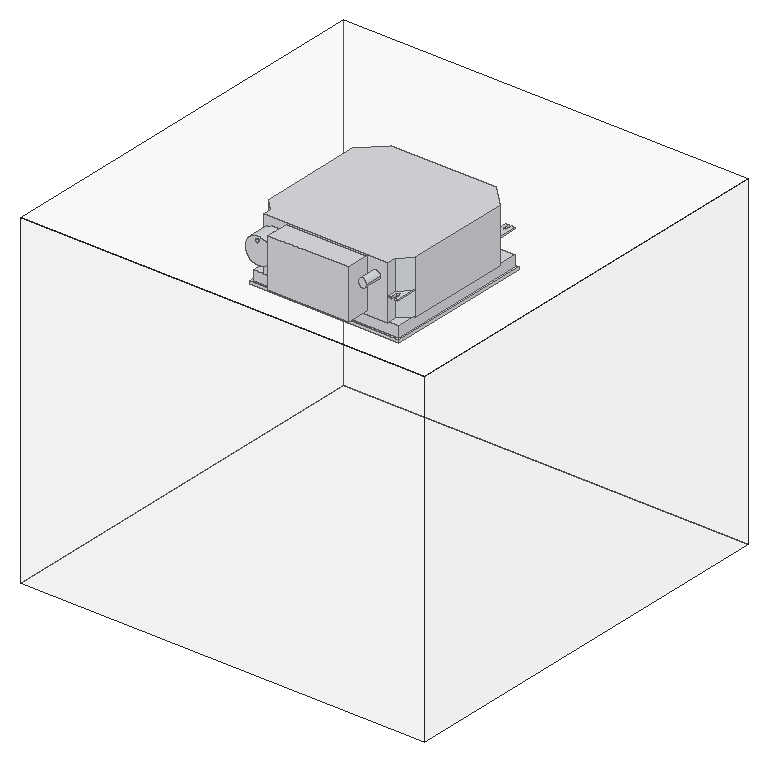
Revit family "plfy-mp22_56pm_60Hz", category 機械設備, Revit 2019
Family settings
  丸型コネクタ寸法 = 直径を使用
  パーツ タイプ = 標準
  OmniClass 番号 = 23.75.10.24.21.27.27
  OmniClass タイトル = Split System Air Conditioning Units
  作業面ベース = いいえ
  常に垂直 = はい
  ロード時にボイドで切り取り = いいえ
  共有 = いいえ
  部屋計算ポイント = はい
Parameters (values of type "システム天井4方向_PLFY-MP22PM")
  風量_強 (㎥/min) = 8.5
  風量_弱 (㎥/min) = 7
  風量_中 (㎥/min) = 7.5
  風量 = MAX風量  # 510.0 m³/h
  音響パワーレベル_強 (dB) = 47
  音響パワーレベル_弱 (dB) = 42
  音響パワーレベル_中 (dB) = 44
  音響パワーレベル(dB) = [音響パワーレベル_強 (dB)]  # 47
  電源種別 = ""
  電圧 = 200 V
  電動機出力_送風機 = 0.05 kW
  運転質量 = 0.00 kg
  連動 = ""
  質量 = if(製品質量 > 運転質量, 製品質量, 運転質量) * 1.2  # 19.08 kg
  負荷分類 = 3_ファン類
  製品質量_本体 = 13.50 kg
  製品質量_パネル = 2.40 kg
  構成品番 = "PLFY-MP22PM"
  ドレン管径 (外径) = 32.00 mm
  ドレン管径 = 25.00 mm
  サービススペース = yes
  【値が 0 の項目は組合せ形名にてご確認ください】 = ""
  URL = "https://www.mitsubishielectric.co.jp/ldg/wink/ssl/top.do"
  説明 = "ビル用マルチ　天井カセット形(４方向吹出し)<システム天井タイプ>"
  設計暖房能力 = 0.00 kW
  設計冷房能力_顕熱 = 0 kW
  設計冷房能力 = 0 kW
  設置方法 = "カセット形"
  記号 [instance] = ""
  製造元 = "三菱電機株式会社"
  製品質量 = 製品質量_本体 + 製品質量_パネル  # 15.90 kg
  製品出荷対象 = "国内"
  製品リリース年月 = ""
  製品グループ = ""
  系統 [instance] = ""
  符号 = "ACP-CK4"
  積算_科目 = "1 空気調和設備"
  積算_拾い区分 = ""
  相 = 1
  盤記号 [instance] = ""
  発停方法 = "付属スイッチ"
  特殊仕様 [instance] = ""
  火災停止 = ""
  消費電力_暖房 = 0.02 kW
  消費電力_冷房 = 0.02 kW
  消費電力 = if(消費電力_冷房 > 消費電力_暖房, 消費電力_冷房, 消費電力_暖房)  # 0.02 kW
  法定耐用年数 = "6"
  極数 = 1
  材質 = ""
  本体マテリアル = none
  有効加湿量 = 0
  暖房能力 = 2.50 kW
  推奨ブレーカー容量 = 0 A
  形式_加湿器 = ""
  形式 = "カセット形（4方向吹出形）"
  幹線記号 = ""
  始動方式 = "直入"
  呼称 = "マルチパッケージ形空気調和機_室内機"
  周波数 = 60 Hz
  台数_手元リモコン [instance] = ""
  台数_冷媒分岐ユニット = ""
  参照している仕様書等のバージョン = "公共建築工事標準仕様書（機械設備工事編）平成31年度版"
  分類コード = "50053003221030"
  分類グループ = ""
  冷房能力 = 2.2 kW
  冷媒管径符号 = "Ac"
  冷媒管径 = 100.00 mm
  冷媒液管径 = 6.35 mm
  冷媒ガス管径 = 12.70 mm
  企業コード = "108420"
  付属品_フィルター = ""
  付属品 = ""
  仕様書バージョン = "Version1.0"
  Model = ""
  パネルマテリアル = none
  コメント = ""
  ケーブル種類 = ""
  ケーブルサイズ = 0 mm
  Width = 570 mm
  Version = ""
  Uniclass2015Version = "Systems v1.9"
  Uniclass2015Title = "Split coil remote air cooled condensing units"
  Uniclass2015Code = "Pr_70_65_03_84"
  SpecificationReference = ""
  SpecificationDescription = ""
  Revision = ""
  ProductInformation = ""
  Panel Width = 580 mm
  Panel Height = 51 mm
  Panel Depth = 580 mm
  OmniClassCode = "23-33 17 13 11"
  MIN風量 = [風量_弱 (㎥/min)] * 60.0 m³/h  # 420.0 m³/h
  MID風量 = [風量_中 (㎥/min)] * 60.0 m³/h  # 450.0 m³/h
  MAX風量 = [風量_強 (㎥/min)] * 60.0 m³/h  # 510.0 m³/h
  IfcTypeProduct = ""
  IfcProduct = ""
  IfcExportType = "AIRCONDITIONINGUNIT"
  IfcExportAs = "IfcUnitaryEquipmentType"
  Height = 258 mm
  FamilyVersion = ""
  Depth = 570 mm
  価格 = 0
  Clearance Top = 273 mm
  Clearance Right = 500 mm
  Clearance Left = 500 mm
  Clearance Front = 500 mm
  Clearance Bottom = 1000 mm
  Clearance Back = 500 mm
  Author = "三菱電機株式会社"
Types (5, lengths in mm): name | 風量_強 (㎥/min) | 風量_弱 (㎥/min) | 風量_中 (㎥/min) | 風量 | 音響パワーレベル_強 (dB) | 音響パワーレベル_弱 (dB) | 音響パワーレベル_中 (dB) | 音響パワーレベル(dB) | 質量 | 製品質量_本体 | 構成品番 | 製品質量 | 消費電力_暖房 | 消費電力_冷房 | 消費電力 | 暖房能力 | 冷房能力 | MIN風量 | MID風量 | MAX風量
  システム天井4方向_PLFY-MP22PM | 8.5 | 7 | 7.5 | 510.0 m³/h | 47 | 42 | 44 | 47 | 19.08 kg | 13.50 kg | "PLFY-MP22PM" | 15.90 kg | 0.02 kW | 0.02 kW | 0.02 kW | 2.50 kW | 2.2 kW | 420.0 m³/h | 450.0 m³/h | 510.0 m³/h
  システム天井4方向_PLFY-MP28PM | 9 | 7 | 8 | 540.0 m³/h | 50 | 43 | 46 | 50 | 19.08 kg | 13.50 kg | "PLFY-MP28PM" | 15.90 kg | 0.02 kW | 0.02 kW | 0.02 kW | 3.20 kW | 2.8 kW | 420.0 m³/h | 480.0 m³/h | 540.0 m³/h
  システム天井4方向_PLFY-MP36PM | 9.5 | 7 | 8 | 570.0 m³/h | 51 | 44 | 47 | 51 | 20.28 kg | 14.50 kg | "PLFY-MP36PM" | 16.90 kg | 0.02 kW | 0.02 kW | 0.02 kW | 4.00 kW | 3.6 kW | 420.0 m³/h | 480.0 m³/h | 570.0 m³/h
  システム天井4方向_PLFY-MP45PM | 11 | 7.5 | 9 | 660.0 m³/h | 55 | 46 | 50 | 55 | 20.28 kg | 14.50 kg | "PLFY-MP45PM" | 16.90 kg | 0.03 kW | 0.03 kW | 0.03 kW | 5.00 kW | 4.5 kW | 450.0 m³/h | 540.0 m³/h | 660.0 m³/h
  システム天井4方向_PLFY-MP56PM | 13 | 9 | 11 | 780.0 m³/h | 60 | 51 | 55 | 60 | 20.28 kg | 14.50 kg | "PLFY-MP56PM" | 16.90 kg | 0.04 kW | 0.04 kW | 0.04 kW | 6.30 kW | 5.6 kW | 540.0 m³/h | 660.0 m³/h | 780.0 m³/h
Reference planes
  plane 1 "中心(正面/背面)": y = 0
  plane 2: z = 0
  plane 3 "中心(左/右)": x = 0
  plane 4: x = -262.5
  plane 5: x = 262.5
  plane 6: y = 262.5
  plane 7: y = -262.5
  plane 8: x = -785
  plane 9: x = 785
  plane 10: y = 785
  plane 11: y = -785
  plane 12: z = -1000
  plane 13: z = 273
  plane 14: x = -186
  plane 15: y = 285
  plane 16: y = -285
  plane 17: x = -285
  plane 18: x = 285
  plane 19: z = 258
Dimensions and locks
  plane 4 to plane 5 = 525 mm
  equal spacing: plane 4, plane 3 "中心(左/右)", plane 5
  equal spacing: plane 7, plane 1 "中心(正面/背面)", plane 6
  plane 7 to plane 6 = 525 mm
  "Clearance Top": plane 13 to plane 2
  equal spacing: plane 17, plane 3 "中心(左/右)", plane 18
  "Width": plane 17 to plane 18
  equal spacing: plane 16, plane 1 "中心(正面/背面)", plane 15
  "Depth": plane 16 to plane 15
  "Clearance Bottom": level to plane 12
  "Clearance Right": plane 18 to plane 9
  "Clearance Left": plane 8 to plane 17
  "Clearance Back": plane 15 to plane 10
  "Clearance Front": plane 11 to plane 16
  "Height": plane 19 to level
  aligned and locked: level to plane 2
  aligned and locked: plane 4 to nested 2
  aligned and locked: plane 5 to nested 2
  aligned and locked: nested 2 to plane 6
  aligned and locked: plane 7 to nested 2
  aligned and locked: plane 8 to nested 1
  aligned and locked: plane 9 to nested 1
  aligned and locked: plane 12 to nested 1
  aligned and locked: plane 13 to nested 1
  aligned and locked: plane 3 "中心(左/右)" to nested 3
  aligned and locked: nested 3 to level
  aligned and locked: plane 1 "中心(正面/背面)" to nested 3
  aligned and locked: plane 10 to nested 1
  aligned and locked: plane 11 to nested 1
Nested families
  nested 1: "サービススペース" at (0, 0, -363.5), visible <- "サービススペース", type "サービススペース"
    with Width 1570 mm, Height 1273 mm, Depth 1570 mm
  nested 2: "固定点" at (-262.5, -262.5, 0), type "固定点"
    with W 525 mm, D 525 mm
  nested 3: "PLFY-P○○PMG9_1_SN" at (0, 0, 0), パネルマテリアル <- "パネルマテリアル", 本体マテリアル <- "本体マテリアル", type "PLFY-P○○PMG9_1_SN"
    with ユニット表示 yes, 液配管サイズ 6.35 mm
Connectors
  piping at (196, -349, 201), diameter 25, driven by "ドレン管径"
    settings: on nested 3, index 1, connector inside diameter 609.60 mm, connector length 0 mm, flow factor 0, pipe flow 0.0 L/s, pressure drop 0.0 Pa, fitting loss kfactor 0, connector angle 0.00°, fixture units 0, engagement length 0 mm, angle of deflection 0.00°, flow configuration 1, flow direction 2, fitting loss method 4, system type 16, joint type 0, gender type 0, connector reference index -1, connector utility 0, adjustable connector no, is connector primary yes, connector description ""
  piping at (-199, -363, 180.5), diameter 100, driven by "冷媒管径", driven by "冷媒管径符号"
    settings: on nested 3, index 2, connector inside diameter 609.60 mm, connector length 0 mm, flow factor 0, pipe flow 0.0 L/s, pressure drop 0.0 Pa, fitting loss kfactor 0, connector angle 0.00°, fixture units 0, engagement length 0 mm, angle of deflection 0.00°, flow configuration 1, flow direction 1, fitting loss method 4, system type 7, joint type 0, gender type 0, connector reference index -1, connector utility 0, adjustable connector no, is connector primary no, connector description "Ac"
  electrical at (4.5, -373, 159.5), driven by "極数", driven by "負荷分類", driven by "電圧", driven by "消費電力"
    settings: on nested 3, index 3, voltage 200 V, apparent load 20 VA, apparent load phase1 0 VA, apparent load phase2 0 VA, apparent load phase3 0 VA, power factor 1, load classification "3_ファン類", number of poles 1, system type 30, power factor state 1, is connector primary yes, connector utility no, sub classification motor no, connector description ""
Definition of nested family "サービススペース"
  Parameters (values of type "サービススペース")
    Width [instance] = 500 mm
    Height [instance] = 500 mm
    Depth [instance] = 500 mm
  Reference planes
    plane 1 "中心(正面/背面)": y = 0
    plane 2: z = 0
    plane 3 "中心(左/右)": x = 0
    plane 4: y = -250
    plane 5: x = 250
    plane 6: y = 250
    plane 7: x = -250
    plane 8: z = 250
    plane 9: z = -250
  Forms (mm)
    Extrusion 1, solid
      sketch origin (-638.939, 0, 72.39) x (1, 0, 0) y (0, 1, 0)
        loop
          line (388.939, 250) -> (388.939, -250) -> (888.939, -250) -> (888.939, 250) -> (388.939, 250)
      from -322.39 to 177.61
  Lines and regions (mm)
    symbolic lines
      curve 1: line (-250, 0, 250) -> (250, 0, 250)
      curve 2: line (-250, 0, -250) -> (-250, 0, 250)
      curve 3: line (250, 0, -250) -> (-250, 0, -250)
      curve 4: line (250, 0, 250) -> (250, 0, -250)
      curve 5: line (0, -250, 250) -> (0, 250, 250)
      curve 6: line (0, -250, -250) -> (0, -250, 250)
      curve 7: line (0, 250, -250) -> (0, -250, -250)
      curve 8: line (0, 250, 250) -> (0, 250, -250)
      curve 9: line (-250, 250, 0) -> (250, 250, 0)
      curve 10: line (-250, -250, 0) -> (-250, 250, 0)
      curve 11: line (250, -250, 0) -> (-250, -250, 0)
      curve 12: line (250, 250, 0) -> (250, -250, 0)
  Dimensions and locks
    equal spacing: plane 7, plane 3 "中心(左/右)", plane 5
    equal spacing: plane 4, plane 1 "中心(正面/背面)", plane 6
    "Depth": plane 4 to plane 6
    "Width": plane 7 to plane 5
    equal spacing: plane 8, plane 2, plane 9
    "Height": plane 8 to plane 9
    aligned and locked: plane 9 to curve 3
    aligned and locked: plane 7 to curve 2
    aligned and locked: curve 4 to plane 5
    aligned and locked: plane 5 to Extrusion 1
    aligned and locked: Extrusion 1 to plane 7
    aligned and locked: Extrusion 1 to plane 9
    aligned and locked: plane 8 to Extrusion 1
    aligned and locked: plane 9 to curve 7
  Automatic sketch dimensions
    plane 4 to Extrusion 1 sketch curve = 0 mm
    Extrusion 1 sketch curve to plane 7 = 0 mm
    Extrusion 1 sketch curve to plane 5 = 0 mm
    plane 6 to Extrusion 1 sketch curve = 0 mm
    curve 2 to plane 8 = 0 mm
    plane 4 to curve 11 = 0 mm
    curve 11 to plane 7 = 0 mm
    curve 11 to plane 5 = 0 mm
    plane 6 to curve 10 = 0 mm
    curve 7 to plane 4 = 0 mm
    curve 7 to plane 6 = 0 mm
    curve 6 to plane 8 = 0 mm
Definition of nested family "PLFY-P○○PMG9_1_SN"
  Parameters (values of type "PLFY-P○○PMG9_1_SN")
    液配管サイズ = 6.4 mm
    高さ = 258 mm
    本体マテリアル [instance] = none
    奥行き = 570 mm
    吊りボルトピッチ_Y = 525 mm
    吊りボルト_H = 140 mm
    冷媒配管 = 100 mm
    冷媒液管径-Z = 146 mm
    冷媒液管径-Y = 63 mm
    冷媒液管径-X = 196 mm
    冷媒ガス管径-Z = 215 mm
    冷媒ガス管径-Y = 78 mm
    冷媒ガス管径-X = 202 mm
    ユニット表示 [instance] = yes
    吊りボルトピッチ_X = 525 mm
    パネルマテリアル [instance] = none
    ドレン配管サイズ = 32 mm
    ドレン管径-Z = 201 mm
    ドレン管径-Y = 64 mm
    ドレン管径-X = 196 mm
    ガス配管サイズ = 12.7 mm
    幅さ = 570 mm
  Reference planes
    plane 1 "中心(正面/背面)": y = 0
    plane 2: z = 0
    plane 3 "中心(左/右)": x = 0
    plane 4: x = -285
    plane 5: x = 285
    plane 6: y = 285
    plane 7: y = -285
    plane 8: z = 50
    plane 9: z = 258
    plane 10: y = -285
    plane 11: x = -204
    plane 12: x = 204
    plane 13: y = 204
    plane 14: y = -204
    plane 15: y = -249
    plane 16: x = 240.5
    plane 17: x = -240.5
    plane 18: x = -281
    plane 19: y = 281
    plane 20: x = 281
    plane 21: y = -281
    plane 22: y = 290
    plane 23: x = -290
    plane 24: x = 290
    plane 25: y = -290
    plane 26: z = 10
    plane 27: x = -262.5
    plane 28: x = 262.5
    plane 29: y = 262.5
    plane 30: y = -262.5
    plane 31: x = 268.5
    plane 32: x = 256.5
    plane 33: x = -256.5
    plane 34: x = -268.5
    plane 35: x = -280.5
    plane 36: x = -244.5
    plane 37: x = 244.5
    plane 38: x = 280.5
    plane 39: z = 145
    plane 40: z = 140
    plane 41: z = 201
    plane 42: z = 215
    plane 43: z = 146
    plane 44: x = 196
    plane 45: x = -196
    plane 46: x = -202
    plane 47: x = -199
    plane 48: z = 180.5
    plane 49: y = -348
    plane 50: y = -363
    plane 51: y = -349
    plane 52: y = -373
    plane 53: x = 161
    plane 54: x = -152
    plane 55: z = 254
    plane 56: z = 65
  Forms (mm)
    Extrusion 1, solid, material <- "本体マテリアル", visible <- "ユニット表示", detail levels fine
      sketch origin (0, 0, 0) x (1, 0, 0) y (0, 1, 0)
        loop
          line (285, 204) -> (204, 285) -> (-204, 285) -> (-285, 204) -> (-285, -204.5) -> (-240.5, -249) -> (-240.5, -285) -> (240.5, -285) -> (240.5, -249) -> (285, -204.5) -> (285, 204)
      from 50 to 258
    Extrusion 2, solid, material <- "パネルマテリアル", visible <- "ユニット表示", detail levels fine
      sketch origin (0, 0, 0) x (1, 0, 0) y (0, 1, 0)
        loop
          line (-281, 281) -> (-281, -281) -> (281, -281) -> (281, 281) -> (-281, 281)
      from 10 to 50
    Extrusion 3, solid, material <- "パネルマテリアル", visible <- "ユニット表示", detail levels fine
      sketch origin (0, 0, 0) x (1, 0, 0) y (0, 1, 0)
        loop
          line (-290, 290) -> (-290, -290) -> (290, -290) -> (290, 290) -> (-290, 290)
      from 0 to 10
    Extrusion 4, solid, material <- "本体マテリアル", visible <- "ユニット表示", detail levels fine
      sketch origin (0, 0, 0) x (1, 0, 0) y (0, 1, 0)
        loop
          line (-280.5, 285) -> (-280.5, 208.5) -> (-244.5, 244.5) -> (-244.5, 285) -> (-256.5, 285) -> (-256.5, 262.5)
          arc (-256.5, 262.5) -> (-262.5, 256.5) -> (-268.5, 262.5) r 6
          line (-268.5, 262.5) -> (-268.5, 285) -> (-280.5, 285)
        loop
          line (280.5, 285) -> (268.5, 285) -> (268.5, 262.5)
          arc (268.5, 262.5) -> (262.5, 256.5) -> (256.5, 262.5) r 6
          line (256.5, 262.5) -> (256.5, 285) -> (244.5, 285) -> (244.5, 244.5) -> (280.5, 208.5) -> (280.5, 285)
        loop
          line (-280.5, -285) -> (-268.5, -285) -> (-268.5, -262.5)
          arc (-268.5, -262.5) -> (-262.5, -256.5) -> (-256.5, -262.5) r 6
          line (-256.5, -262.5) -> (-256.5, -285) -> (-244.5, -285) -> (-244.5, -245) -> (-280.5, -209) -> (-280.5, -285)
        loop
          line (280.5, -285) -> (280.5, -209) -> (244.5, -245) -> (244.5, -285) -> (256.5, -285) -> (256.5, -262.5)
          arc (256.5, -262.5) -> (262.5, -256.5) -> (268.5, -262.5) r 6
          line (268.5, -262.5) -> (268.5, -285) -> (280.5, -285)
      from 140 to 145
    Extrusion 5, solid, material <- "本体マテリアル", visible <- "ユニット表示", detail levels fine
      sketch origin (0, -282, 0) x (-1, 0, 0) y (0, 0, 1)
        loop
          circle (196, 146) r 3.2
      from -66 to -3
    Extrusion 6, solid, material <- "本体マテリアル", visible <- "ユニット表示", detail levels fine
      sketch origin (0, -282, 0) x (-1, 0, 0) y (0, 0, 1)
        loop
          circle (202, 215) r 6.35
      from -81 to -3
    Extrusion 7, solid, material <- "本体マテリアル", visible <- "ユニット表示", detail levels fine
      sketch origin (0, -282, 0) x (-1, 0, 0) y (0, 0, 1)
        loop
          circle (199, 180.5) r 50
      from -81 to -3
    Extrusion 8, solid, material <- "本体マテリアル", visible <- "ユニット表示", detail levels fine
      sketch origin (0, -282, 0) x (-1, 0, 0) y (0, 0, 1)
        loop
          circle (-196, 201) r 16
      from -67 to -3
    Extrusion 9, solid, material <- "本体マテリアル", visible <- "ユニット表示", detail levels fine
      sketch origin (0, -282, 0) x (-1, 0, 0) y (0, 0, 1)
        loop
          line (152, 254) -> (-161, 254) -> (-161, 65) -> (152, 65) -> (152, 254)
      from -91 to -3
  Lines and regions (mm)
    Masking region 1, visible <- "ユニット表示", detail levels coarse+medium
      outline origin (0, 0, 0) x (1, 0, 0) y (0, 1, 0)
        loop
          line (-285, 285) -> (-285, -285) -> (285, -285) -> (285, 285) -> (-285, 285)
    symbolic lines, visible <- "ユニット表示"
      curve 1: line (-285, 285, 0) -> (285, 285, 0)
      curve 2: line (-285, -285, 0) -> (-285, 285, 0)
      curve 3: line (285, -285, 0) -> (-285, -285, 0)
      curve 4: line (285, 285, 0) -> (285, -285, 0)
    model lines, visible <- "ユニット表示", detail levels fine
      curve 5: line (-180, 180, 0) -> (180, 180, 0)
      curve 6: line (-180, -180, 0) -> (-180, 180, 0)
      curve 7: line (180, -180, 0) -> (-180, -180, 0)
      curve 8: line (180, 180, 0) -> (180, -180, 0)
      curve 9: line (-145, 272, 0) -> (145, 272, 0)
      curve 10: line (-145, 234, 0) -> (-145, 272, 0)
      curve 11: line (145, 234, 0) -> (-145, 234, 0)
      curve 12: line (145, 272, 0) -> (145, 234, 0)
      curve 13: line (234, 145, 0) -> (272, 145, 0)
      curve 14: line (234, -145, 0) -> (234, 145, 0)
      curve 15: line (272, -145, 0) -> (234, -145, 0)
      curve 16: line (272, 145, 0) -> (272, -145, 0)
      curve 17: line (-272, 145, 0) -> (-234, 145, 0)
      curve 18: line (-272, -145, 0) -> (-272, 145, 0)
      curve 19: line (-234, -145, 0) -> (-272, -145, 0)
      curve 20: line (-234, 145, 0) -> (-234, -145, 0)
      curve 21: line (-145, -234, 0) -> (145, -234, 0)
      curve 22: line (-145, -272, 0) -> (-145, -234, 0)
      curve 23: line (145, -272, 0) -> (-145, -272, 0)
      curve 24: line (145, -234, 0) -> (145, -272, 0)
      curve 25: line (162.5, 162.5, 0) -> (-162.5, 162.5, 0)
      curve 26: line (-162.5, 162.5, 0) -> (-162.5, -162.5, 0)
      curve 27: line (162.5, -162.5, 0) -> (162.5, 162.5, 0)
      curve 28: line (-162.5, -162.5, 0) -> (162.5, -162.5, 0)
      curve 29: line (-81.25, 162.5, 0) -> (-81.25, -162.5, 0)
      curve 30: line (0, 162.5, 0) -> (0, -162.5, 0)
      curve 31: line (81.25, 162.5, 0) -> (81.25, -162.5, 0)
      curve 32: line (162.5, 145.395, 0) -> (-162.5, 145.395, 0)
      curve 33: line (162.5, 128.289, 0) -> (-162.5, 128.289, 0)
      curve 34: line (162.5, 111.184, 0) -> (-162.5, 111.184, 0)
      curve 35: line (162.5, 94.079, 0) -> (-162.5, 94.079, 0)
      curve 36: line (162.5, 76.974, 0) -> (-162.5, 76.974, 0)
      curve 37: line (162.5, 59.868, 0) -> (-162.5, 59.868, 0)
      curve 38: line (162.5, 42.763, 0) -> (-162.5, 42.763, 0)
      curve 39: line (162.5, 25.658, 0) -> (-162.5, 25.658, 0)
      curve 40: line (162.5, 8.553, 0) -> (-162.5, 8.553, 0)
      curve 41: line (162.5, -8.553, 0) -> (-162.5, -8.553, 0)
      curve 42: line (162.5, -25.658, 0) -> (-162.5, -25.658, 0)
      curve 43: line (162.5, -42.763, 0) -> (-162.5, -42.763, 0)
      curve 44: line (162.5, -59.868, 0) -> (-162.5, -59.868, 0)
      curve 45: line (162.5, -76.974, 0) -> (-162.5, -76.974, 0)
      curve 46: line (162.5, -94.079, 0) -> (-162.5, -94.079, 0)
      curve 47: line (162.5, -111.184, 0) -> (-162.5, -111.184, 0)
      curve 48: line (162.5, -128.289, 0) -> (-162.5, -128.289, 0)
      curve 49: line (162.5, -145.395, 0) -> (-162.5, -145.395, 0)
  Dimensions and locks
    equal spacing: plane 4, plane 3 "中心(左/右)", plane 5
    "幅さ": plane 4 to plane 5
    equal spacing: plane 6, plane 1 "中心(正面/背面)", plane 7
    "奥行き": plane 6 to plane 7
    "高さ": plane 9 to level
    locked: plane 6 to plane 13 at 81
    locked: plane 12 to plane 5 at 81
    locked: plane 4 to plane 11 at 81
    locked: plane 4 to plane 17 at 44.5
    locked: plane 16 to plane 5 at 44.5
    locked: plane 15 to plane 10 at 36
    locked: plane 14 to plane 15 at 45
    locked: plane 21 to plane 10 at 4
    locked: plane 6 to plane 19 at 4
    locked: plane 20 to plane 5 at 4
    locked: plane 4 to plane 18 at 4
    locked: plane 10 to plane 25 at 5
    locked: plane 22 to plane 6 at 5
    locked: plane 5 to plane 24 at 5
    locked: plane 23 to plane 4 at 5
    locked: plane 26 to level at 10
    locked: plane 8 to plane 26 at 40
    equal spacing: plane 27, plane 3 "中心(左/右)", plane 28
    "吊りボルトピッチ_X": plane 27 to plane 28
    equal spacing: plane 30, plane 1 "中心(正面/背面)", plane 29
    "吊りボルトピッチ_Y": plane 30 to plane 29
    plane 35 to plane 34 to plane 27 to plane 33 to plane 36 = 12 mm locked, 6 mm locked, 6 mm locked, 12 mm locked
    plane 37 to plane 32 to plane 28 to plane 31 to plane 38 = 12 mm locked, 6 mm locked, 6 mm locked, 12 mm locked
    locked: plane 39 to plane 40 at 5
    locked: plane 40 to level at 140
    "ドレン管径-Z": plane 41 to level
    "冷媒液管径-Z": plane 43 to level
    "冷媒液管径-X": plane 45 to plane 3 "中心(左/右)"
    "ドレン管径-X": plane 3 "中心(左/右)" to plane 44
    equal spacing: plane 46, plane 47, plane 45
    equal spacing: plane 42, plane 48, plane 43
    "冷媒液管径-Y": plane 10 to plane 49
    "冷媒ガス管径-Y": plane 10 to plane 50
    "ドレン管径-Y": plane 10 to plane 51
    locked: plane 4 to plane 54 at 133
    locked: plane 53 to plane 5 at 124
    locked: plane 10 to plane 52 at 88
    locked: plane 56 to plane 8 at 15
    locked: plane 9 to plane 55 at 4
    "冷媒ガス管径-X": plane 46 to plane 3 "中心(左/右)"
    "冷媒ガス管径-Z": plane 42 to level
    "液配管サイズ": diameter of Extrusion 5 sketch curve
    "ガス配管サイズ": diameter of Extrusion 6 sketch curve
    "冷媒配管": diameter of Extrusion 7 sketch curve
    "ドレン配管サイズ": diameter of Extrusion 8 sketch curve
    aligned and locked: level to plane 2
    aligned and locked: plane 9 to Extrusion 1
    aligned and locked: Extrusion 1 to plane 8
    aligned and locked: Extrusion 1 sketch curve to plane 5
    aligned and locked: Extrusion 1 sketch curve to plane 6
    aligned and locked: Extrusion 1 sketch curve to plane 4
    aligned and locked: Extrusion 1 sketch curve to plane 10
    aligned and locked: Extrusion 1 sketch curve to plane 16
    aligned and locked: Extrusion 1 sketch curve to plane 17
    aligned and locked: Extrusion 2 sketch curve to plane 18
    aligned and locked: Extrusion 2 sketch curve to plane 19
    aligned and locked: Extrusion 2 sketch curve to plane 20
    aligned and locked: Extrusion 2 sketch curve to plane 21
    aligned and locked: Extrusion 3 sketch curve to plane 22
    aligned and locked: Extrusion 3 sketch curve to plane 23
    aligned and locked: Extrusion 3 sketch curve to plane 24
    aligned and locked: Extrusion 3 sketch curve to plane 25
    aligned and locked: plane 8 to Extrusion 2
    aligned and locked: Extrusion 2 to plane 26
    aligned and locked: Extrusion 3 to level
    aligned and locked: plane 26 to Extrusion 3
    aligned and locked: Extrusion 4 sketch curve to plane 6  (x2)
    aligned and locked: Extrusion 4 sketch curve to plane 33
    aligned and locked: Extrusion 4 sketch curve to plane 36
    aligned and locked: Extrusion 4 sketch curve to plane 34
    aligned and locked: Extrusion 4 sketch curve to plane 35
    aligned and locked: plane 29 to Extrusion 4 sketch curve  (x2)
    aligned and locked: plane 27 to Extrusion 4 sketch curve  (x2)
    aligned and locked: Extrusion 1 to Extrusion 4 sketch curve  (x2)
    aligned and locked: Extrusion 4 sketch curve to Extrusion 1  (x2)
    aligned and locked: Extrusion 4 sketch curve to plane 37
    aligned and locked: plane 6 to Extrusion 4 sketch curve  (x2)
    aligned and locked: Extrusion 4 sketch curve to plane 31
    aligned and locked: Extrusion 4 sketch curve to plane 32
    aligned and locked: Extrusion 4 sketch curve to plane 38
    aligned and locked: plane 28 to Extrusion 4 sketch curve  (x2)
    aligned and locked: plane 10 to Extrusion 4 sketch curve  (x2)
    aligned and locked: plane 31 to Extrusion 4 sketch curve
    aligned and locked: plane 32 to Extrusion 4 sketch curve
    aligned and locked: plane 37 to Extrusion 4 sketch curve
    aligned and locked: plane 38 to Extrusion 4 sketch curve
    aligned and locked: plane 30 to Extrusion 4 sketch curve  (x2)
    aligned and locked: plane 35 to Extrusion 4 sketch curve
    aligned and locked: plane 34 to Extrusion 4 sketch curve
    aligned and locked: plane 33 to Extrusion 4 sketch curve
    aligned and locked: plane 36 to Extrusion 4 sketch curve
    aligned and locked: Extrusion 4 sketch curve to plane 10  (x2)
    aligned and locked: plane 39 to Extrusion 4
    aligned and locked: Extrusion 4 to plane 40
    aligned and locked: plane 43 to Extrusion 5 sketch curve
    aligned and locked: plane 45 to Extrusion 5 sketch curve
    aligned and locked: plane 42 to Extrusion 6 sketch curve
    aligned and locked: plane 46 to Extrusion 6 sketch curve
    aligned and locked: plane 48 to Extrusion 7 sketch curve
    aligned and locked: plane 47 to Extrusion 7 sketch curve
    aligned and locked: Extrusion 5 to plane 49
    aligned and locked: Extrusion 6 to plane 50
    aligned and locked: Extrusion 7 to plane 50
    aligned and locked: plane 10 to Extrusion 7
    aligned and locked: plane 10 to Extrusion 6
    aligned and locked: plane 10 to Extrusion 5
    aligned and locked: plane 41 to Extrusion 8 sketch curve
    aligned and locked: plane 44 to Extrusion 8 sketch curve
    aligned and locked: Extrusion 8 to plane 51
    aligned and locked: plane 10 to Extrusion 8
    aligned and locked: plane 55 to Extrusion 9 sketch curve
    aligned and locked: Extrusion 9 sketch curve to plane 54
    aligned and locked: Extrusion 9 sketch curve to plane 56
    aligned and locked: plane 53 to Extrusion 9 sketch curve
    aligned and locked: Extrusion 9 to plane 52
    aligned and locked: plane 10 to Extrusion 9
    aligned and locked: Masking region 1 sketch curve to plane 6
    aligned and locked: plane 10 to Masking region 1 sketch curve
    aligned and locked: plane 4 to Masking region 1 sketch curve
    aligned and locked: Masking region 1 sketch curve to plane 5
    aligned and locked: curve 1 to plane 6
    aligned and locked: plane 10 to curve 3
    aligned and locked: plane 4 to curve 2
    aligned and locked: curve 4 to plane 5
  Automatic sketch dimensions
    Extrusion 1 sketch curve to plane 11 = 0 mm
    Extrusion 1 sketch curve to plane 12 = 0 mm
    Extrusion 1 sketch curve to plane 14 = 0.5 mm  (x2)
    Extrusion 1 sketch curve to plane 13 = 0 mm  (x2)
    Extrusion 1 sketch curve to plane 15 = 0 mm  (x2)
    curve 19 to plane 34 = 3.5 mm
    plane 17 to curve 17 = 6.5 mm
    plane 45 to curve 7 = 16 mm
    plane 54 to curve 11 = 7 mm
    plane 54 to curve 21 = 7 mm
    curve 9 to plane 53 = 16 mm
    curve 21 to plane 53 = 16 mm
    curve 8 to plane 44 = 16 mm
    curve 14 to plane 16 = 6.5 mm
    plane 31 to curve 16 = 3.5 mm
    plane 21 to curve 24 = 9 mm
    plane 15 to curve 24 = 15 mm
    plane 14 to curve 7 = 24 mm
    plane 14 to curve 20 = 59 mm
    plane 14 to curve 16 = 59 mm
    curve 14 to plane 13 = 59 mm
    curve 17 to plane 13 = 59 mm
    curve 5 to plane 13 = 24 mm
    plane 29 to curve 11 = 28.5 mm
    curve 12 to plane 19 = 9 mm
    curve 7 to curve 27 = 17.5 mm
    curve 30 to plane 3 "中心(左/右)" = 0 mm
    plane 54 to curve 29 = 70.75 mm
    curve 31 to plane 53 = 79.75 mm
    curve 26 to curve 5 = 17.5 mm
    curve 41 to plane 54 = 10.5 mm
    plane 53 to curve 48 = 1.5 mm
    curve 27 to curve 49 = 17.105 mm
    curve 49 to curve 48 = 17.105 mm
    curve 48 to curve 47 = 17.105 mm
    curve 47 to curve 46 = 17.105 mm
    curve 46 to curve 45 = 17.105 mm
    curve 45 to curve 44 = 17.105 mm
    curve 44 to curve 43 = 17.105 mm
    curve 43 to curve 42 = 17.105 mm
    plane 1 "中心(正面/背面)" to curve 41 = 8.553 mm
    curve 40 to plane 1 "中心(正面/背面)" = 8.553 mm
    curve 40 to curve 39 = 17.105 mm
    curve 39 to curve 38 = 17.105 mm
    curve 38 to curve 37 = 17.105 mm
    curve 37 to curve 36 = 17.105 mm
    curve 36 to curve 35 = 17.105 mm
    curve 35 to curve 34 = 17.105 mm
    curve 34 to curve 33 = 17.105 mm
    curve 33 to curve 32 = 17.105 mm
Definition of nested family "固定点"
  Parameters (values of type "固定点")
    中心円 = 20 mm
    W [instance] = 1000 mm
    D [instance] = 1000 mm
  Reference planes
    plane 1 "中心(正面/背面)": y = 0
    plane 2: z = 0
    plane 3 "中心(左/右)": x = 0
    plane 4: x = 1000
    plane 5: y = 1000
  Lines and regions (mm)
    symbolic lines, detail levels fine
      curve 1: circle (0, 1000, 0) r 10 normal (0, 0, 1)
      curve 2: circle (0, 0, 0) r 10 normal (0, 0, 1)
      curve 3: circle (1000, 1000, 0) r 10 normal (0, 0, 1)
      curve 4: circle (1000, 0, 0) r 10 normal (0, 0, 1)
      curve 5: line (-200, 1000, 0) -> (1200, 1000, 0)
      curve 6: line (-200, 0, 0) -> (1200, 0, 0)
      curve 7: line (0, 1200, 0) -> (0, -200, 0)
      curve 8: line (1000, 1200, 0) -> (1000, -200, 0)
  Dimensions and locks
    "W": plane 3 "中心(左/右)" to plane 4
    "D": plane 1 "中心(正面/背面)" to plane 5
    "中心円": diameter of curve 1
    "中心円": diameter of curve 2
    "中心円": diameter of curve 3
    "中心円": diameter of curve 4
    aligned and locked: level to plane 2
    aligned and locked: plane 5 to curve 1
    aligned and locked: plane 3 "中心(左/右)" to curve 1
    aligned and locked: plane 3 "中心(左/右)" to curve 2
    aligned and locked: plane 1 "中心(正面/背面)" to curve 2
    aligned and locked: plane 4 to curve 3
    aligned and locked: plane 5 to curve 3
    aligned and locked: plane 1 "中心(正面/背面)" to curve 4
    aligned and locked: plane 4 to curve 4
    aligned and locked: plane 1 "中心(正面/背面)" to curve 6
    aligned and locked: curve 7 to plane 3 "中心(左/右)"
    aligned and locked: curve 8 to plane 4
  Automatic sketch dimensions
    curve 5 to plane 5 = 0 mm
    curve 6 to plane 3 "中心(左/右)" = 200 mm
    curve 5 to plane 3 "中心(左/右)" = 200 mm
    curve 4 to curve 6 = 200 mm
    curve 3 to curve 5 = 200 mm
    plane 1 "中心(正面/背面)" to curve 8 = 200 mm
    plane 1 "中心(正面/背面)" to curve 7 = 200 mm
    curve 3 to curve 8 = 200 mm
    curve 1 to curve 7 = 200 mm
